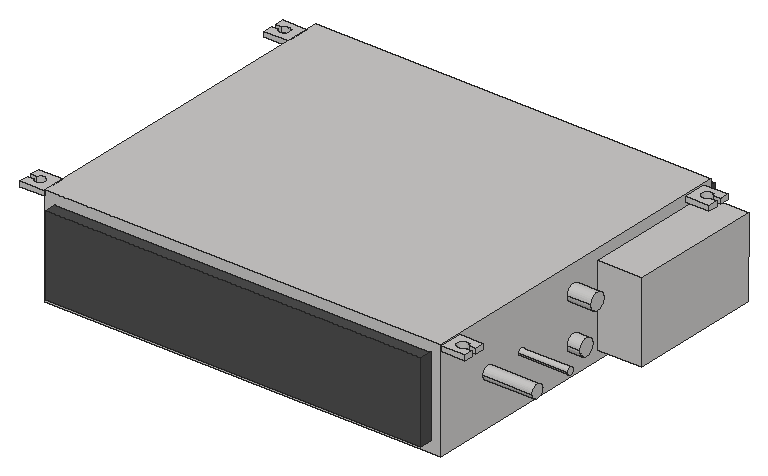
Revit family
Parameters (values of type "PEFY-P06NMSU-E")
  Width = 2' - 7.12598"
  URL = ""
  Subcategory = "HVAC"  # constant formula
  Standard Air Filter = "Polypropylene Honeycomb"  # constant formula
  Specification URL = "http://www.mrslim.com/customerCare/resources.asp"
  Sound Pressure Levels (dB(A)) = "22-24-28"
  SmartBIM Object Version = 3  # constant formula
  SmartBIM Object Created By = "Reed Construction Data"  # constant formula
  Refirigerant Pipe diameter (Liquid) = "1/4\""
  Refirigerant Pipe diameter (Gas) = "1/2\""
  Power Source = "208/230, 1, 60"  # constant formula
  Power Consumption Heating = "0.03 kW"
  Power Consumption Cooling = "0.05 kW"
  Unit Weight (LBS) = "42"
  Model = "PEFY-P06NMSU-E"
  Manufacturer URL = "http://www.mrslim.com/customerCare/resources.asp"
  Manufacturer = "Mitsubishi Electric"  # constant formula
  Installation URL = "http://www.mrslim.com/customerCare/resources.asp"
  Height = 0' - 7.87402"  # constant formula
  Fan Motor Type = "DC Motor"  # constant formula
  Fan Motor Output = "0.096 kW"  # constant formula
  MCA = "0.47/0.50"
  MOCP = "15 A"  # constant formula
  External Finish = Galvanized Steel Sheet
  E.S.P (In. W.G.) = ".02-.20"
  Drainpipe Dimension = "1-1/4"
  Drain Pipe Radius = 0' - 0.62992"
  Description = "Ceiling Concealed Ducted Low Profile"  # constant formula
  Depth = 2' - 3 9/16"  # constant formula
  Default Elevation = 4' - 0"
  Condensate Lift Mechanism = "21-11/16\" "
  Coil Type = "Cross Fin"  # constant formula
  Heating Capacity (BTU) = "6700"
  Fan Type x Quantity = "Sirocco Fan x 2"  # constant formula
  Current Heating = "0.31 A"
  Current Cooling = "0.41 A"
  Cooling Capacity (BTU) = "6000"
  Fan capacity (CFM) = "176-212-247"
  C = Width + 0' 3.85827"  # 2' - 10.98425"
  Brazing Connection Radius (Liquid) = 0' - 0.25197"
  Brazing Connection Radius (Gas) = 0' - 0 1/2"
  Suspension Bolt Pitch = Width + 0' 2.04724"  # 2' - 9.17323"
  Assembly Code = "D3050200"
  Air Outlet Unit Material = Metal Grill
  Air Outlet Width = Width - 0' 1.5748"  # 2' - 5.55118"
  Air Inlet Width = Width  # 2' - 7.12598"
  Air Inlet Unit Material = Grill
  Air Outlet Height = 0' - 6.29134"
  Air Inlet Height = 0' - 6.65354"  # constant formula
  95 CSI = "15760"  # constant formula
  04 CSI = "23 82 19 "  # constant formula
Types (6): name | Width | Sound Pressure Levels (dB(A)) | Refirigerant Pipe diameter (Liquid) | Refirigerant Pipe diameter (Gas) | Power Consumption Heating | Power Consumption Cooling | Unit Weight (LBS) | Model | MCA | Drain Pipe Radius | Condensate Lift Mechanism | Heating Capacity (BTU) | Current Heating | Current Cooling | Cooling Capacity (BTU) | Fan capacity (CFM) | C | Brazing Connection Radius (Liquid) | Brazing Connection Radius (Gas) | Suspension Bolt Pitch | Air Outlet Width | Air Inlet Width | Air Outlet Height
  PEFY-P06NMSU-E | 2' - 7.12598" | "22-24-28" | "1/4\"" | "1/2\"" | "0.03 kW" | "0.05 kW" | "42" | "PEFY-P06NMSU-E" | "0.47/0.50" | 0' - 0.62992" | "21-11/16\" " | "6700" | "0.31 A" | "0.41 A" | "6000" | "176-212-247" | 2' - 10.98425" | 0' - 0.25197" | 0' - 0 1/2" | 2' - 9.17323" | 2' - 5.55118" | 2' - 7.12598" | 0' - 6.29134"
  PEFY-P08NMSU-E | 2' - 7 1/8" | "23-26-30" | "1/4\"" | "1/2\"" | "0.04 kW" | "0.06 kW" | "42" | "PEFY-P08NMSU-E" | "0.47/0.50" | 0' - 0 101/128" | "21-11/16\" " | "9000" | "0.39 A" | "0.49 A" | "8000" | "194-247-317" | 2' - 10.98327" | 0' - 0 65/256" | 0' - 0 1/2" | 2' - 9.17224" | 2' - 5.5502" | 2' - 7 1/8" | 0' - 6 75/256"
  PEFY-P12NMSU-E | 2' - 7 1/8" | "23-28-35" | "1/4\"" | "1/2\"" | "0.05 kW" | "0.07 kW" | "46" | "PEFY-P12NMSU-E" | "0.68/0.74" | 0' - 0 101/128" | "21-11/16\" " | "13500" | "0.43 A" | "0.53 A" | "12000" | "211-282-370 " | 2' - 10.98327" | 0' - 0 65/256" | 0' - 0 1/2" | 2' - 9.17224" | 2' - 5.5502" | 2' - 7 1/8" | 0' - 6 75/256"
  PEFY-P15NMSU-E | 3' - 3" | "28-30-33" | "1/4\"" | "1/2\"" | "0.05 kW" | "0.07 kW" | "54" | "PEFY-P15NMSU-E" | "1.20/1.33" | 0' - 0 101/128" | "21-11/16\" " | "17000" | "0.45 A" | "0.55 A" | "15000" | "282-335-388 " | 3' - 6.85827" | 0' - 0 65/256" | 0' - 0 1/2" | 3' - 5.04724" | 3' - 1.4252" | 3' - 3" | 0' - 6 75/256"
  PEFY-P18NMSU-E | 3' - 3" | " 30-34-37" | "1/4\"" | "1/2\"" | "0.07 kW" | "0.09 kW" | "54" | "PEFY-P18NMSU-E" | "1.20/1.33" | 0' - 0 101/128" | "21-11/16\"" | "20000" | "0.60 A" | "0.70 A" | "18000" | "353-441-529 " | 3' - 6.85827" | 0' - 0 3/8" | 0' - 0 5/8" | 3' - 5.04724" | 3' - 1.4252" | 3' - 3" | 0' - 6 75/256"
  PEFY-P24NMSU-E | 3' - 10.87402" | "30-35-40" | "3/8\"" | "5/8\"" | "0.10 kW" | "0.12 kW" | "62" | "PEFY-P24NMSU-E" | "1.57/1.73" | 0' - 0.7874" | "21-11/16\"" | "27000" | "0.83 A" | "0.93 A" | "24000" | "423-565-706" | 4' - 2.73228" | 0' - 0.37402" | 0' - 0.62598" | 4' - 0.92126" | 3' - 9.29921" | 3' - 10.87402" | 0' - 6.29134"
Reference planes (in)
  plane 1 "Center (Front/Back)": y = 0
  plane 2: z = 0
  plane 3 "Center (Left/Right)": x = 0
  plane 4: x = -15.56299
  plane 5: x = 15.56299
  plane 6: y = 13.78125
  plane 7: y = -13.78125
  plane 8: z = 3.93701
  plane 9: z = 7.87402
  plane 10: x = 0
  plane 11: z = 7.07874
  plane 12: z = 0.7874
  plane 13: y = 0.15973
  plane 14: y = -13.77953
  plane 15: y = 13.75815
  plane 16: y = 12.99213
  plane 17: z = 5.88976
  plane 18: y = 2.52193
  plane 19: z = 2.35433
  plane 20: z = 7.42323
  plane 21: x = 19.1063
  plane 22: x = -17.49213
  plane 23: x = 17.49213
  plane 24: x = 19.5
  plane 25: y = -12.87402
  plane 26: x = 16.62545
  plane 27: x = 21.4685
  plane 28: x = 39.18504
  plane 29: y = 13.78125
  plane 30: y = 22.63952
  plane 31: y = 4.92298
  plane 32: y = 25.59227
Forms (in)
  Extrusion 1, solid, material "Galvanized Steel Sheet" <- "External Finish"
    sketch origin (0, 0, 0) x (1, 0, 0) y (0, 1, 0)
      loop
        line (-15.56299, 13.78125) -> (-15.56299, -12.87402) -> (15.56299, -12.87402) -> (15.56299, 13.78125) -> (-15.56299, 13.78125)
    from 0 to 7.87402
  Extrusion 2, solid, material "Metal Grill" <- "Air Outlet Unit Material"
    sketch origin (0, 0, 0) x (1, 0, 0) y (0, 0, 1)
      loop
        line (-14.77559, 7.07874) -> (-14.77559, 0.7874) -> (14.77559, 0.7874) -> (14.77559, 7.07874) -> (-14.77559, 7.07874)
    from 12.87402 to 13.78125
  Extrusion 3, solid, material "Galvanized Steel Sheet" <- "External Finish"
    sketch origin (0, 0, 0) x (0, 1, 0) y (0, 0, 1)
      loop
        line (12.99213, 7.07874) -> (2.52193, 7.07874) -> (2.52193, 0.7874) -> (12.99213, 0.7874) -> (12.99213, 7.07874)
    from 19.1063 to 15.56299
  Extrusion 4, solid, material "Galvanized Steel Sheet" <- "External Finish"
    sketch origin (0, 0, 0) x (0, 1, 0) y (0, 0, 1)
      loop
        circle (-4.98267, 3.93701) r 0.25197
      loop
        circle (-8.25803, 3.93701) r 0.5
    from 15.56299 to 19.5
  Extrusion 5, solid, material "Galvanized Steel Sheet" <- "External Finish"
    sketch origin (0, 0, 0) x (0, 1, 0) y (0, 0, 1)
      loop
        circle (0.15973, 5.88976) r 0.62992
    from 15.56299 to 17.49213
  Extrusion 6, solid, material "Galvanized Steel Sheet" <- "External Finish"
    sketch origin (0, 0, 0) x (0, 1, 0) y (0, 0, 1)
      loop
        circle (0.15973, 2.35433) r 0.62992
    from 15.56299 to 16.62545
  Extrusion 7, solid, material "Grill" <- "Air Inlet Unit Material"
    sketch origin (0, 0, 0) x (1, 0, 0) y (0, 0, 1)
      loop
        line (15.56299, 0.7874) -> (15.56299, 7.42323) -> (-15.56299, 7.42323) -> (-15.56299, 0.7874) -> (15.56299, 0.7874)
    from -14.15542 to -13.78125
Lines and regions (in)
  symbolic lines, style "Clearances"
    curve 1: line (-15.56299, -12.87402, 0) -> (39.18504, -12.87402, 0)
    curve 2: line (-15.56299, 25.59227, 0) -> (-15.56299, -12.87402, 0)
    curve 3: line (39.18504, 25.59227, 0) -> (-15.56299, 25.59227, 0)
    curve 4: line (39.18504, -12.87402, 0) -> (39.18504, 25.59227, 0)
    curve 5: line (39.18504, 22.63952, 0) -> (21.4685, 22.63952, 0)
    curve 6: line (21.4685, 22.63952, 0) -> (21.4685, 4.92298, 0)
    curve 7: line (21.4685, 4.92298, 0) -> (39.18504, 4.92298, 0)
    curve 8: line (21.4685, 4.92298, 0) -> (39.18504, 22.63952, 0)
    curve 9: line (21.4685, 22.63952, 0) -> (39.18504, 4.92298, 0)
    curve 10: line (-15.56299, 13.78125, 0) -> (15.56299, 13.78125, 0)
    curve 11: line (15.56299, 13.78125, 0) -> (15.56299, -12.87402, 0)
Dimensions and locks (in)
  equal spacing: plane 4, plane 3 "Center (Left/Right)", plane 5
  equal spacing: plane 6, plane 1 "Center (Front/Back)", plane 7
  "Width": plane 4 to plane 5
  "Depth": plane 6 to plane 7
  equal spacing: plane 9, plane 8, level
  "Height": plane 9 to level
  locked: plane 9 to plane 11 at 0.79528
  locked: plane 12 to plane 2 at 0.7874
  locked: plane 19 to plane 12 at 1.56693
  locked: plane 11 to plane 17 at 1.18898
  locked: plane 15 to plane 16 at 0.76603
  locked: plane 18 to plane 13 at 2.3622
  locked: plane 13 to plane 14 at 13.93926
  plane 20 to plane 11 = 0' - 0.34449"
  Extrusion 4 to Extrusion 4 = 0' - 3.93701"
  Extrusion 3 to Extrusion 3 = 0' - 3.54331"
  Extrusion 2 to Extrusion 2 = 0' - 0.90723"
  "Air Outlet Width": Extrusion 2 sketch curve to Extrusion 2 sketch curve
  "Air Outlet Height": Extrusion 2 sketch curve to Extrusion 2 sketch curve
  equal spacing: Extrusion 2 sketch curve, plane 10, Extrusion 2 sketch curve
  locked: plane 5 to plane 21 at 3.54331
  locked: plane 22 to plane 4 at 1.92913
  locked: plane 5 to plane 23 at 1.92913
  nested 4 to nested 2 = 2' - 9.25089"
  locked: plane 5 to plane 24 at 3.93701
  locked: plane 26 to plane 23 at 0.86668
  locked: plane 9 to plane 2 at 7.87402
  locked: plane 14 to plane 25 at 0.90551
  locked: plane 5 to plane 27 at 5.90551
  locked: plane 27 to plane 28 at 17.71654
  locked: plane 32 to plane 30 at 2.95276
  locked: plane 30 to plane 29 at 8.85827
  locked: plane 29 to plane 31 at 8.85827
  "Brazing Connection Radius (Gas)": radius of Extrusion 4 sketch curve
  "Brazing Connection Radius (Liquid)": radius of Extrusion 4 sketch curve
  "Drain Pipe Radius": radius of Extrusion 5 sketch curve
  "Drain Pipe Radius": radius of Extrusion 6 sketch curve
  aligned and locked: plane 10 to plane 3 "Center (Left/Right)"
  aligned and locked: Extrusion 1 sketch curve to plane 4
  aligned and locked: Extrusion 1 sketch curve to plane 6
  aligned and locked: Extrusion 1 sketch curve to plane 5
  aligned and locked: plane 9 to Extrusion 1
  aligned and locked: Extrusion 1 to level
  aligned and locked: Extrusion 2 sketch curve to plane 11
  aligned and locked: plane 16 to Extrusion 3 sketch curve
  aligned and locked: plane 11 to Extrusion 3 sketch curve
  aligned and locked: plane 12 to Extrusion 3 sketch curve
  aligned and locked: plane 18 to Extrusion 3 sketch curve
  aligned and locked: plane 8 to Extrusion 4 sketch curve  (x2)
  aligned and locked: Extrusion 4 to Extrusion 1
  aligned and locked: Extrusion 3 to Extrusion 1
  aligned and locked: nested 1 to Extrusion 1
  aligned and locked: plane 20 to nested 2
  aligned and locked: nested 1 to plane 20
  aligned and locked: Extrusion 1 to nested 3
  aligned and locked: nested 4 to Extrusion 1
  aligned and locked: nested 3 to nested 1
  aligned and locked: nested 1 to nested 4
  aligned and locked: plane 5 to nested 2
  aligned and locked: plane 21 to Extrusion 3
  aligned and locked: plane 24 to Extrusion 4
  aligned and locked: Extrusion 5 to plane 5
  aligned and locked: plane 23 to Extrusion 5
  aligned and locked: plane 19 to Extrusion 6 sketch curve
  aligned and locked: plane 13 to Extrusion 6 sketch curve
  aligned and locked: plane 13 to Extrusion 5 sketch curve
  aligned and locked: plane 17 to Extrusion 5 sketch curve
  aligned and locked: Extrusion 6 to plane 5
  aligned and locked: plane 26 to nested 1
  aligned and locked: plane 26 to Extrusion 6
  aligned and locked: Extrusion 1 sketch curve to plane 25
  aligned and locked: nested 3 to plane 25
  aligned and locked: plane 25 to nested 1
  aligned and locked: Extrusion 2 to plane 7
  aligned and locked: Extrusion 2 to plane 25
  aligned and locked: Extrusion 7 to plane 6
  aligned and locked: plane 20 to Extrusion 7
  aligned and locked: Extrusion 7 to plane 12
  aligned and locked: Extrusion 7 sketch curve to Extrusion 1
  aligned and locked: plane 31 to curve 7
  aligned and locked: plane 27 to curve 6
  aligned and locked: plane 30 to curve 5
  aligned and locked: plane 32 to curve 3
  aligned and locked: plane 28 to curve 4
  aligned and locked: plane 25 to curve 1
  aligned and locked: plane 4 to curve 2
  aligned and locked: plane 5 to curve 11
  aligned and locked: plane 29 to curve 10
Automatic sketch dimensions
  Extrusion 4 sketch curve to plane 14 = 0' - 5.52149"
  Extrusion 4 sketch curve to Extrusion 4 sketch curve = 0' - 3.27537"
  plane 22 to Extrusion 7 sketch curve = 0' - 1.92913"
  level to Extrusion 7 sketch curve = 0' - 0.7874"
  Extrusion 7 sketch curve to plane 9 = 0' - 0.45079"
Nested families (in)
  nested 1: "hook" at (16.62545, -11.9685, 7.42323), type "hook"
  nested 2: "hook" at (16.62545, 12.045, 7.42323), type "hook"
  nested 3: "hook" at (-16.62545, -11.9685, 7.42323) x (-1, 0, 0) z (0, 0, 1), type "hook"
  nested 4: "hook" at (-16.62545, 12.00787, 7.42323) x (-1, 0, 0) z (0, 0, 1), type "hook"
Connectors (in)
  piping at (17.49213, 0.15973, 5.88976), driven by "Drain Pipe Radius"
    settings: on Extrusion 5, index 8
  piping at (16.62545, 0.15973, 2.35433), driven by "Drain Pipe Radius"
    settings: on Extrusion 6, index 9
  hvac at (0, -13.78125, 3.93307), driven by "Air Outlet Width", driven by "Air Outlet Height"
    settings: on Extrusion 2, index 10
  hvac at (0, 14.15542, 4.10531), driven by "Air Inlet Width", driven by "Air Inlet Height"
    settings: on Extrusion 7, index 11
  piping at (19.5, -4.98267, 3.93701), driven by "Brazing Connection Radius (Liquid)"
    settings: on Extrusion 4, index 12
  piping at (19.5, -8.25803, 3.93701), driven by "Brazing Connection Radius (Gas)"
    settings: on Extrusion 4, index 13
  electrical at (19.1063, 7.75703, 3.93307)
    settings: on Extrusion 3, index 14
Definition of nested family "hook"
  Parameters
    External Material = Galvanized Steel Sheet
  Reference planes (in)
    plane 1 "Center (Front/Back)": y = 0
    plane 2: z = 0
    plane 3 "Center (Left/Right)": x = 0
  Forms (in)
    Extrusion 1, solid, material "Galvanized Steel Sheet" <- "External Material"
      sketch origin (-8.69718, 8.92117, -11.46638) x (1, 0, 0) y (0, 1, 0)
        loop
          line (7.63472, -8.01566) -> (7.63472, -9.82668) -> (9.56386, -9.82668) -> (9.56386, -9.13771) -> (9.07326, -9.13771)
          arc (9.07326, -9.13771) -> (8.27155, -8.92422) -> (9.08533, -8.76274) r 0.42585
          line (9.08533, -8.76274) -> (9.56386, -8.76274) -> (9.56386, -8.01566) -> (7.63472, -8.01566)
      from 11.46638 to 11.86008
  Dimensions and locks (in)
    locked: Extrusion 1 to Extrusion 1 at 0.3937
